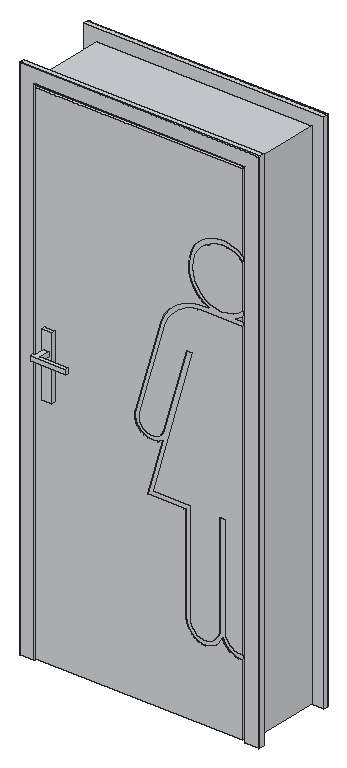
Revit family "PortaVECTORbp_L", category Drzwi, Revit 2016
Family settings
  Obiekt nadrzędny = Ściana
  Zawsze pionowo = Tak
  Tnij formami wycięć po wczytaniu = Nie
  Współdzielony = Nie
  Punkt obliczania pomieszczeń = Nie
Parameters (values of type "PN 80")
  Zakres szerokości muru [instance] = if(and(Szerokość ściany > 94 mm, Szerokość ściany < 120 mm), "B", (if(and(Szerokość ściany > 119 mm, Szerokość ściany < 140 mm), "C", (if(and(Szerokość ściany > 139 mm, Szerokość ściany < 160 mm), "D", (if(and(Szerokość ściany > 159 mm, Szerokość ściany < 180 mm), "E", (if(and(Szerokość ściany > 179 mm, Szerokość ściany < 200 mm), "F", (if(and(Szerokość ściany > 199 mm, Szerokość ściany < 220 mm), "G", (if(and(Szerokość ściany > 219 mm, Szerokość ściany < 240 mm), "H", (if(and(Szerokość ściany > 239 mm, Szerokość ściany < 260 mm), "I", (if(and(Szerokość ściany > 259 mm, Szerokość ściany < 280 mm), "J", (if(and(Szerokość ściany > 279 mm, Szerokość ściany < 301 mm), "K", "BRAK")))))))))))))))))))  # "K"
  Wysokość brutto = 2060 mm
  Szerokość ściany [instance] = 300 mm
  Szerokość brutto = 880 mm
  Model = "Porta Vector L"
  Konstrukcja analityczna = "<Brak>"
  Funkcja = Wewnętrzna
  URL = "www.porta.com.pl"
  Ss = 818 mm
  Sb = 846 mm
  Producent = "PORTA KMI POLAND"
  Keynote = ""
  Opis = "Własność Porta KMI Poland, wszelkie prawa zastrzeżone."  # constant formula
  Wysokość = 2016 mm
  Zakończenie ściany = Wg obiektu nadrzędnego
  Szerokość = 800 mm
  Materiał_skrzydło [instance] = none
  Materiał_ościeżnica [instance] = none
  Materiał_klamka [instance] = none
  Hs = 2017 mm
Reference planes
  plane 1: y = 0
  plane 2 "Środek (Lewa/Prawa)": x = 0
  plane 3 "Lewy": x = -440
  plane 4 "Prawy": x = 440
  plane 5: z = 2060
  plane 6 "Zewnętrzna": y = 150
  plane 7 "Wewnętrzna": y = -150
  plane 8 "skrzydło": y = -129
  plane 9: x = -409
  plane 10: x = 409
Forms (mm)
  Sweep 1, solid, material <- "Materiał_ościeżnica"
    path in 3D
      loop
        line (-440, -150, 0) -> (-440, -150, 2060) -> (440, -150, 2060) -> (440, -150, 0)
    profile origin (-440, -150, 1030) x (0, -1, 0) y (1, 0, 0)
      loop
        line (-24, 39) -> (-72, 39) -> (-72, 17) -> (0, 17) -> (0, -33) -> (16, -33)
        arc (16, -33) -> (18.121, -32.121) -> (19, -30) r 3
        line (19, -30) -> (19, 24)
        arc (19, 24) -> (18.121, 26.121) -> (16, 27) r 3
        line (16, 27) -> (-24, 27) -> (-24, 39)
  Sweep 2, solid, material <- "Materiał_ościeżnica"
    path in 3D
      loop
        line (440, 150, 0) -> (440, 150, 2060) -> (-440, 150, 2060) -> (-440, 150, 0)
    profile origin (-440, 150, 1030) x (1, 0, 0) y (0, 1, 0)
      loop
        line (-33, 0) -> (17, 0) -> (17, -228) -> (39, -228) -> (39, -1)
        arc (39, -1) -> (37.536, 2.536) -> (34, 4) r 5
        line (34, 4) -> (25, 4) -> (25, 16)
        arc (25, 16) -> (24.121, 18.121) -> (22, 19) r 3
        line (22, 19) -> (-30, 19)
        arc (-30, 19) -> (-32.121, 18.121) -> (-33, 16) r 3
        line (-33, 16) -> (-33, 0)
  Sweep 3, solid, not visible
    path in 3D
      loop
        line (-440, -150, 0) -> (-440, -150, 2060)
    profile origin (-440, -150, 1030) x (0, -1, 0) y (1, 0, 0)
      loop
        line (-151, 17) -> (-149, 17) -> (-149, 19) -> (-151, 19) -> (-151, 17)
Cuts and joins
  joined: Sweep 1, Sweep 2
Lines and regions (mm)
  Opening 1
    outline origin (-3050, -150, 0) x (1, 0, 0) y (0, 0, 1)
      loop
        line (2610, 0) -> (3490, 0) -> (3490, 2060) -> (2610, 2060) -> (2610, 0)
  sketch lines
    curve 1: line (-440, -150, 0) -> (-440, -150, 2060)
    curve 2: line (-440, -150, 2060) -> (440, -150, 2060)
    curve 3: line (440, -150, 2060) -> (440, -150, 0)
    curve 4: line (-440, 150, 2060) -> (-440, 150, 0)
    curve 5: line (440, 150, 2060) -> (-440, 150, 2060)
    curve 6: line (440, 150, 0) -> (440, 150, 2060)
    curve 12: line (-440, -150, 0) -> (-440, -150, 2060)
  symbolic lines, style "DoorsPanelProjection"
    curve 7: line (409, -150, 0) -> (409, -968, 0)
    curve 8: line (409, -968, 0) -> (369, -968, 0)
    curve 9: line (369, -968, 0) -> (369, -150, 0)
    curve 10: line (369, -150, 0) -> (409, -150, 0)
  symbolic lines, style "Ugięcie rzutu"
    curve 11: arc (-409, -150, 0) -> (-169.413, -728.413, 0) -> (409, -968, 0) r 818
Text (mm)
  text "Zewnętrzna" at (-2295.016, 1099.543, 0), in view "Poziom odniesienia"
  text "Zewnętrzna" at (0, 1615.38, 3698.081), in view "Lewy"
  text "Zewnętrzna" at (0, 1036.032, 3874.932), in view "Prawy"
Dimensions and locks
  equal spacing: plane 3 "Lewy", plane 2 "Środek (Lewa/Prawa)", plane 4 "Prawy"
  "Szerokość brutto": plane 3 "Lewy" to plane 4 "Prawy"
  "Wysokość brutto": plane 5 to host wall
  host wall to plane 5 = 2060 mm  (x2)
  locked: plane 6 "Zewnętrzna" to host wall at 0
  locked: plane 7 "Wewnętrzna" to host wall
  "Sb": Sweep 1 to Sweep 1
  locked: Sweep 1 sketch curve to Sweep 1 sketch curve at 22
  Sweep 1 sketch curve to Sweep 1 sketch curve = 50 mm
  locked: Sweep 1 sketch curve to profile plane at 72
  locked: Sweep 2 sketch curve to Sweep 2 sketch curve at 50
  locked: Sweep 2 sketch curve to Sweep 2 sketch curve at 22
  locked: Sweep 2 sketch curve to plane 6 "Zewnętrzna" at 1
  locked: curve 9 to curve 7 at 40
  "Ss": curve 8 to curve 10
  equal spacing: curve 11, plane 2 "Środek (Lewa/Prawa)", curve 7
  locked: plane 7 "Wewnętrzna" to plane 8 "skrzydło" at 21
  locked: host wall to Sweep 3 sketch curve at 1
  locked: Sweep 3 sketch curve to host wall at 1
  locked: Sweep 3 sketch curve to plane 6 "Zewnętrzna" at 151
  locked: plane 7 "Wewnętrzna" to Sweep 3 sketch curve at 151
  nested 1 to plane 2 "Środek (Lewa/Prawa)" to nested 1 = 409 mm, 409 mm
  locked: nested 1 to level at 8
  "Szerokość ściany": host wall to host wall
  equal spacing: plane 9, plane 2 "Środek (Lewa/Prawa)", plane 10
  "Ss": plane 9 to plane 10
  aligned and locked: plane 3 "Lewy" to Opening 1 sketch curve
  aligned and locked: plane 5 to Opening 1 sketch curve  (x2)
  aligned and locked: Opening 1 sketch curve to plane 4 "Prawy"
  aligned and locked: Opening 1 sketch curve to level
  aligned and locked: plane 1 to host wall
  aligned and locked: Sweep 1 to Sweep 2 sketch curve
  aligned and locked: plane 7 "Wewnętrzna" to curve 10
  aligned and locked: Sweep 3 sketch curve to cut or joined group of Sweep 1, Sweep 2
  aligned and locked: Sweep 2 sketch curve to cut or joined group of Sweep 1, Sweep 2
  aligned and locked: nested 1 to plane 8 "skrzydło"
  aligned and locked: nested 1 to plane 10
Automatic sketch dimensions
  profile plane to Sweep 1 sketch curve = 24 mm
  Sweep 1 sketch curve to profile plane = 16 mm  (x2)
  Sweep 1 sketch curve to Sweep 1 sketch curve = 3 mm
  profile plane to Sweep 1 sketch curve = 17 mm
  Sweep 1 sketch curve to Sweep 1 sketch curve = 7 mm
  Sweep 1 sketch curve to profile plane = 0 mm
  Sweep 2 sketch curve to profile plane = 0 mm
  Sweep 2 sketch curve to profile plane = 16 mm
  Sweep 2 sketch curve to Sweep 2 sketch curve = 3 mm
  Sweep 2 sketch curve to Sweep 2 sketch curve = 5 mm
  Sweep 2 sketch curve to profile plane = 4 mm
  Sweep 2 sketch curve to Sweep 2 sketch curve = 8 mm
  curve 11 to host wall = 0 mm
  Sweep 3 sketch curve to Sweep 3 sketch curve = 2 mm
Nested families
  nested 1: "skrzydło" at (0, -135.5, 0), Materiał_klamka <- "Materiał_klamka", Materiał_skrzydło <- "Materiał_skrzydło", type "skrzydło"
    with Materiał_skrzydło none, Materiał_klamka none, Ss 818 mm
Definition of nested family "skrzydło"
  Parameters
    Ss = 918 mm
    Materiał_skrzydło [instance] = none
    Materiał_klamka [instance] = none
    Hs = 2017 mm
  Reference planes
    plane 1 "Tył": y = 6.5
    plane 2: z = 0
    plane 3 "Środek (Lewa/Prawa)": x = 0
    plane 4 "Lewa": x = -509
    plane 5 "Prawa": x = 409
    plane 6 "Przód": y = -33.5
    plane 7: z = 2025
    plane 8 "Centrum": y = -13.5
    plane 9: z = 8
  Forms (mm)
    Extrusion 1, solid, material <- "Materiał_skrzydło"
      sketch origin (-1191.728, -1524, 8) x (-1, 0, 0) y (0, -1, 0)
        loop
          line (-1600.728, -1490.5) -> (-1600.728, -1530.5) -> (-682.728, -1530.5) -> (-682.728, -1490.5) -> (-1600.728, -1490.5)
      from 0 to 2017
    Extrusion 2, void
      sketch origin (-2140.117, -33.5, 1200) x (1, 0, 0) y (0, 0, 1)
        loop
          circle (2468.069, 409.546) r 117.01
        loop
          arc (2521.772, 286.024) -> (2467.917, 544.584) -> (2414.063, 286.024) r 134.888
          line (2414.063, 286.024) -> (2388.004, 286.024)
          arc (2388.004, 286.024) -> (2286.284, 253.232) -> (2222.87, 167.204) r 174.16
          line (2222.87, 167.204) -> (2124.746, -174.282) -> (2123.818, -177.418) -> (2123.047, -180.555) -> (2122.451, -183.69) -> (2122.002, -186.817) -> (2121.719, -189.934) -> (2121.602, -193.035) -> (2121.631, -196.118) -> (2121.816, -199.176) -> (2122.148, -202.207) -> (2122.637, -205.206) -> (2123.271, -208.169) -> (2124.062, -211.092) -> (2124.99, -213.97) -> (2126.064, -216.8) -> (2127.275, -219.577) -> (2128.623, -222.297) -> (2130.117, -224.956) -> (2131.748, -227.55) -> (2133.516, -230.075) -> (2135.41, -232.526) -> (2137.432, -234.899) -> (2139.59, -237.191) -> (2141.875, -239.396) -> (2144.287, -241.512) -> (2146.826, -243.533) -> (2149.482, -245.455) -> (2152.256, -247.275) -> (2155.156, -248.987) -> (2158.174, -250.589) -> (2161.299, -252.076) -> (2164.541, -253.443) -> (2167.9, -254.687) -> (2171.797, -255.899) -> (2175.713, -256.901) -> (2179.639, -257.695) -> (2183.574, -258.277) -> (2187.5, -258.649) -> (2191.416, -258.81) -> (2195.303, -258.759) -> (2199.16, -258.496) -> (2202.979, -258.019) -> (2206.748, -257.329) -> (2210.449, -256.425) -> (2214.082, -255.306) -> (2217.646, -253.972) -> (2221.113, -252.423) -> (2224.492, -250.657) -> (2231.111, -246.646) -> (2171.057, -455.952) -> (2323.467, -455.952) -> (2323.564, -837.1)
          arc (2323.564, -837.1) -> (2386.005, -909.132) -> (2467.987, -860.487) r 74.336
          arc (2467.987, -860.487) -> (2550.664, -908.916) -> (2613.281, -836.391) r 74.88
          line (2613.281, -836.391) -> (2613.281, -455.972) -> (2765.721, -455.972) -> (2705.633, -246.471) -> (2711.953, -250.277) -> (2715.615, -252.154) -> (2719.375, -253.777) -> (2723.213, -255.152) -> (2727.119, -256.286) -> (2731.074, -257.182) -> (2735.068, -257.847) -> (2739.082, -258.286) -> (2743.105, -258.505) -> (2747.109, -258.508) -> (2751.094, -258.302) -> (2755.039, -257.891) -> (2758.926, -257.282) -> (2762.744, -256.479) -> (2766.465, -255.488) -> (2770.098, -254.315) -> (2774.492, -252.636) -> (2779.043, -250.529) -> (2783.672, -247.991) -> (2785.996, -246.56) -> (2788.301, -245.019) -> (2790.576, -243.368) -> (2792.832, -241.608) -> (2795.029, -239.737) -> (2797.178, -237.755) -> (2799.258, -235.662) -> (2801.26, -233.457) -> (2803.184, -231.139) -> (2805, -228.709) -> (2806.709, -226.166) -> (2808.301, -223.509) -> (2809.766, -220.737) -> (2811.084, -217.852) -> (2812.256, -214.851) -> (2813.262, -211.734) -> (2814.102, -208.502) -> (2814.756, -205.153) -> (2815.205, -201.688) -> (2815.469, -198.105) -> (2815.508, -194.405) -> (2815.312, -190.586) -> (2814.893, -186.648) -> (2814.229, -182.592) -> (2813.301, -178.416) -> (2812.1, -174.12) -> (2715.444, 160.231)
          arc (2715.444, 160.231) -> (2652.796, 251.068) -> (2548.135, 286.024) r 174.16
          line (2548.135, 286.024) -> (2521.772, 286.024)
        loop
          arc (2341.562, -837.081) -> (2400.144, -892.011) -> (2456.689, -834.988) r 57.595
          line (2456.689, -834.988) -> (2456.768, -437.955) -> (2480.039, -437.955) -> (2480.254, -835.918)
          arc (2480.254, -835.918) -> (2537.553, -891.982) -> (2595.283, -836.362) r 57.54
          line (2595.283, -836.362) -> (2595.283, -437.947) -> (2741.827, -437.947) -> (2586.26, 104.455) -> (2610.791, 104.217) -> (2700.02, -207.194) -> (2700.928, -210.099) -> (2701.973, -212.857) -> (2703.135, -215.472) -> (2704.424, -217.944) -> (2705.811, -220.276) -> (2707.314, -222.47) -> (2708.906, -224.528) -> (2710.605, -226.451) -> (2712.383, -228.242) -> (2714.248, -229.902) -> (2716.182, -231.434) -> (2718.193, -232.839) -> (2720.264, -234.12) -> (2722.393, -235.277) -> (2724.58, -236.314) -> (2726.816, -237.232) -> (2729.092, -238.033) -> (2731.396, -238.718) -> (2733.74, -239.291) -> (2736.104, -239.752) -> (2738.477, -240.104) -> (2740.869, -240.348) -> (2743.271, -240.487) -> (2745.674, -240.523) -> (2748.066, -240.457) -> (2750.449, -240.291) -> (2752.822, -240.027) -> (2755.166, -239.668) -> (2757.48, -239.215) -> (2759.756, -238.67) -> (2762.002, -238.034) -> (2764.189, -237.311) -> (2767.441, -236.068) -> (2770.791, -234.516) -> (2774.189, -232.652) -> (2775.879, -231.602) -> (2777.568, -230.473) -> (2779.229, -229.266) -> (2780.869, -227.98) -> (2782.471, -226.614) -> (2784.023, -225.168) -> (2785.537, -223.643) -> (2786.992, -222.037) -> (2788.379, -220.351) -> (2789.697, -218.585) -> (2790.937, -216.737) -> (2792.08, -214.809) -> (2793.135, -212.799) -> (2794.092, -210.708) -> (2794.932, -208.535) -> (2795.664, -206.281) -> (2796.26, -203.943) -> (2796.729, -201.524) -> (2797.061, -199.021) -> (2797.246, -196.436) -> (2797.275, -193.768) -> (2797.139, -191.016) -> (2796.836, -188.18) -> (2796.348, -185.261) -> (2795.684, -182.257) -> (2794.824, -179.169) -> (2698.221, 155.054)
          arc (2698.221, 155.054) -> (2644.903, 234.374) -> (2555.391, 267.871) r 156.431
          line (2555.391, 267.871) -> (2380.654, 267.866)
          arc (2380.654, 267.866) -> (2294.131, 236.607) -> (2240.142, 162.119) r 156.431
          line (2240.142, 162.119) -> (2141.982, -179.47) -> (2141.318, -181.725) -> (2140.762, -183.982) -> (2140.332, -186.237) -> (2140.01, -188.489) -> (2139.814, -190.733) -> (2139.727, -192.967) -> (2139.746, -195.188) -> (2139.883, -197.392) -> (2140.137, -199.578) -> (2140.488, -201.741) -> (2140.957, -203.879) -> (2141.533, -205.989) -> (2142.207, -208.068) -> (2142.988, -210.113) -> (2143.877, -212.12) -> (2144.863, -214.087) -> (2145.957, -216.012) -> (2147.148, -217.89) -> (2148.437, -219.719) -> (2149.824, -221.495) -> (2151.318, -223.217) -> (2152.9, -224.88) -> (2154.57, -226.483) -> (2156.348, -228.021) -> (2158.203, -229.492) -> (2160.156, -230.893) -> (2162.207, -232.221) -> (2164.336, -233.473) -> (2166.553, -234.645) -> (2168.867, -235.736) -> (2171.26, -236.741) -> (2173.74, -237.658) -> (2176.152, -238.421) -> (2178.564, -239.078) -> (2180.996, -239.628) -> (2183.418, -240.072) -> (2185.84, -240.409) -> (2188.262, -240.64) -> (2190.674, -240.763) -> (2193.066, -240.78) -> (2195.439, -240.689) -> (2197.793, -240.492) -> (2200.127, -240.186) -> (2202.432, -239.773) -> (2204.697, -239.253) -> (2206.924, -238.624) -> (2209.121, -237.887) -> (2211.26, -237.042) -> (2213.359, -236.089) -> (2215.41, -235.028) -> (2217.402, -233.857) -> (2219.326, -232.578) -> (2221.191, -231.19) -> (2222.998, -229.693) -> (2224.727, -228.086) -> (2226.377, -226.371) -> (2227.949, -224.545) -> (2229.443, -222.61) -> (2230.84, -220.565) -> (2232.158, -218.41) -> (2233.379, -216.145) -> (2234.502, -213.77) -> (2235.518, -211.285) -> (2236.436, -208.688) -> (2326.416, 104.52) -> (2350.593, 104.52) -> (2194.937, -437.987) -> (2341.465, -437.987) -> (2341.562, -837.081)
      from -1 to 10
    Extrusion 3, void
      sketch origin (-2140.117, 6.5, 1200) x (1, 0, 0) y (0, 0, -1)
        loop
          circle (2468.069, -409.546) r 117.01
        loop
          line (2521.772, -286.024) -> (2548.135, -286.024)
          arc (2548.135, -286.024) -> (2652.796, -251.068) -> (2715.444, -160.231) r 174.16
          line (2715.444, -160.231) -> (2812.1, 174.12) -> (2813.301, 178.416) -> (2814.229, 182.592) -> (2814.893, 186.648) -> (2815.312, 190.586) -> (2815.508, 194.405) -> (2815.469, 198.105) -> (2815.205, 201.688) -> (2814.756, 205.153) -> (2814.102, 208.502) -> (2813.262, 211.734) -> (2812.256, 214.851) -> (2811.084, 217.852) -> (2809.766, 220.737) -> (2808.301, 223.509) -> (2806.709, 226.166) -> (2805, 228.709) -> (2803.184, 231.139) -> (2801.26, 233.457) -> (2799.258, 235.662) -> (2797.178, 237.755) -> (2795.029, 239.737) -> (2792.832, 241.608) -> (2790.576, 243.368) -> (2788.301, 245.019) -> (2785.996, 246.56) -> (2783.672, 247.991) -> (2779.043, 250.529) -> (2774.492, 252.636) -> (2770.098, 254.315) -> (2766.465, 255.488) -> (2762.744, 256.479) -> (2758.926, 257.282) -> (2755.039, 257.891) -> (2751.094, 258.302) -> (2747.109, 258.508) -> (2743.105, 258.505) -> (2739.082, 258.286) -> (2735.068, 257.847) -> (2731.074, 257.182) -> (2727.119, 256.286) -> (2723.213, 255.152) -> (2719.375, 253.777) -> (2715.615, 252.154) -> (2711.953, 250.277) -> (2705.633, 246.471) -> (2765.721, 455.972) -> (2613.281, 455.972) -> (2613.281, 836.391)
          arc (2613.281, 836.391) -> (2550.664, 908.916) -> (2467.987, 860.487) r 74.88
          arc (2467.987, 860.487) -> (2386.005, 909.132) -> (2323.564, 837.1) r 74.336
          line (2323.564, 837.1) -> (2323.467, 455.952) -> (2171.057, 455.952) -> (2231.111, 246.646) -> (2224.492, 250.657) -> (2221.113, 252.423) -> (2217.646, 253.972) -> (2214.082, 255.306) -> (2210.449, 256.425) -> (2206.748, 257.329) -> (2202.979, 258.019) -> (2199.16, 258.496) -> (2195.303, 258.759) -> (2191.416, 258.81) -> (2187.5, 258.649) -> (2183.574, 258.277) -> (2179.639, 257.695) -> (2175.713, 256.901) -> (2171.797, 255.899) -> (2167.9, 254.687) -> (2164.541, 253.443) -> (2161.299, 252.076) -> (2158.174, 250.589) -> (2155.156, 248.987) -> (2152.256, 247.275) -> (2149.482, 245.455) -> (2146.826, 243.533) -> (2144.287, 241.512) -> (2141.875, 239.396) -> (2139.59, 237.191) -> (2137.432, 234.899) -> (2135.41, 232.526) -> (2133.516, 230.075) -> (2131.748, 227.55) -> (2130.117, 224.956) -> (2128.623, 222.297) -> (2127.275, 219.577) -> (2126.064, 216.8) -> (2124.99, 213.97) -> (2124.062, 211.092) -> (2123.271, 208.169) -> (2122.637, 205.206) -> (2122.148, 202.207) -> (2121.816, 199.176) -> (2121.631, 196.118) -> (2121.602, 193.035) -> (2121.719, 189.934) -> (2122.002, 186.817) -> (2122.451, 183.69) -> (2123.047, 180.555) -> (2123.818, 177.418) -> (2124.746, 174.282) -> (2222.87, -167.204)
          arc (2222.87, -167.204) -> (2286.284, -253.232) -> (2388.004, -286.024) r 174.16
          line (2388.004, -286.024) -> (2414.063, -286.024)
          arc (2414.063, -286.024) -> (2467.917, -544.584) -> (2521.772, -286.024) r 134.888
        loop
          line (2341.562, 837.081) -> (2341.465, 437.987) -> (2194.937, 437.987) -> (2350.593, -104.52) -> (2326.416, -104.52) -> (2236.436, 208.688) -> (2235.518, 211.285) -> (2234.502, 213.77) -> (2233.379, 216.145) -> (2232.158, 218.41) -> (2230.84, 220.565) -> (2229.443, 222.61) -> (2227.949, 224.545) -> (2226.377, 226.371) -> (2224.727, 228.086) -> (2222.998, 229.693) -> (2221.191, 231.19) -> (2219.326, 232.578) -> (2217.402, 233.857) -> (2215.41, 235.028) -> (2213.359, 236.089) -> (2211.26, 237.042) -> (2209.121, 237.887) -> (2206.924, 238.624) -> (2204.697, 239.253) -> (2202.432, 239.773) -> (2200.127, 240.186) -> (2197.793, 240.492) -> (2195.439, 240.689) -> (2193.066, 240.78) -> (2190.674, 240.763) -> (2188.262, 240.64) -> (2185.84, 240.409) -> (2183.418, 240.072) -> (2180.996, 239.628) -> (2178.564, 239.078) -> (2176.152, 238.421) -> (2173.74, 237.658) -> (2171.26, 236.741) -> (2168.867, 235.736) -> (2166.553, 234.645) -> (2164.336, 233.473) -> (2162.207, 232.221) -> (2160.156, 230.893) -> (2158.203, 229.492) -> (2156.348, 228.021) -> (2154.57, 226.483) -> (2152.9, 224.88) -> (2151.318, 223.217) -> (2149.824, 221.495) -> (2148.437, 219.719) -> (2147.148, 217.89) -> (2145.957, 216.012) -> (2144.863, 214.087) -> (2143.877, 212.12) -> (2142.988, 210.113) -> (2142.207, 208.068) -> (2141.533, 205.989) -> (2140.957, 203.879) -> (2140.488, 201.741) -> (2140.137, 199.578) -> (2139.883, 197.392) -> (2139.746, 195.188) -> (2139.727, 192.967) -> (2139.814, 190.733) -> (2140.01, 188.489) -> (2140.332, 186.237) -> (2140.762, 183.982) -> (2141.318, 181.725) -> (2141.982, 179.47) -> (2240.142, -162.119)
          arc (2240.142, -162.119) -> (2294.131, -236.607) -> (2380.654, -267.866) r 156.431
          line (2380.654, -267.866) -> (2555.391, -267.871)
          arc (2555.391, -267.871) -> (2644.903, -234.374) -> (2698.221, -155.054) r 156.431
          line (2698.221, -155.054) -> (2794.824, 179.169) -> (2795.684, 182.257) -> (2796.348, 185.261) -> (2796.836, 188.18) -> (2797.139, 191.016) -> (2797.275, 193.768) -> (2797.246, 196.436) -> (2797.061, 199.021) -> (2796.729, 201.524) -> (2796.26, 203.943) -> (2795.664, 206.281) -> (2794.932, 208.535) -> (2794.092, 210.708) -> (2793.135, 212.799) -> (2792.08, 214.809) -> (2790.937, 216.737) -> (2789.697, 218.585) -> (2788.379, 220.351) -> (2786.992, 222.037) -> (2785.537, 223.643) -> (2784.023, 225.168) -> (2782.471, 226.614) -> (2780.869, 227.98) -> (2779.229, 229.266) -> (2777.568, 230.473) -> (2775.879, 231.602) -> (2774.189, 232.652) -> (2770.791, 234.516) -> (2767.441, 236.068) -> (2764.189, 237.311) -> (2762.002, 238.034) -> (2759.756, 238.67) -> (2757.48, 239.215) -> (2755.166, 239.668) -> (2752.822, 240.027) -> (2750.449, 240.291) -> (2748.066, 240.457) -> (2745.674, 240.523) -> (2743.271, 240.487) -> (2740.869, 240.348) -> (2738.477, 240.104) -> (2736.104, 239.752) -> (2733.74, 239.291) -> (2731.396, 238.718) -> (2729.092, 238.033) -> (2726.816, 237.232) -> (2724.58, 236.314) -> (2722.393, 235.277) -> (2720.264, 234.12) -> (2718.193, 232.839) -> (2716.182, 231.434) -> (2714.248, 229.902) -> (2712.383, 228.242) -> (2710.605, 226.451) -> (2708.906, 224.528) -> (2707.314, 222.47) -> (2705.811, 220.276) -> (2704.424, 217.944) -> (2703.135, 215.472) -> (2701.973, 212.857) -> (2700.928, 210.099) -> (2700.02, 207.194) -> (2610.791, -104.217) -> (2586.26, -104.455) -> (2741.827, 437.947) -> (2595.283, 437.947) -> (2595.283, 836.362)
          arc (2595.283, 836.362) -> (2537.553, 891.982) -> (2480.254, 835.918) r 57.54
          line (2480.254, 835.918) -> (2480.039, 437.955) -> (2456.768, 437.955) -> (2456.689, 834.988)
          arc (2456.689, 834.988) -> (2400.144, 892.011) -> (2341.562, 837.081) r 57.595
      from -1 to 10
  Cuts and joins
    Extrusion 2, Extrusion 3 cuts Extrusion 1
  Dimensions and locks
    "Ss": plane 4 "Lewa" to plane 5 "Prawa"
    locked: plane 9 to level at 8
    "Hs": plane 7 to plane 9
    locked: nested 1 to plane 9 at 934
    locked: plane 9 to nested 2 at 934
    equal spacing: plane 6 "Przód", plane 8 "Centrum", plane 1 "Tył"
    locked: plane 4 "Lewa" to nested 1 at 55
    locked: plane 4 "Lewa" to nested 2 at 55
    locked: plane 3 "Środek (Lewa/Prawa)" to plane 5 "Prawa" at 409
    aligned and locked: nested 1 to plane 6 "Przód"
    aligned and locked: plane 4 "Lewa" to Extrusion 1 sketch curve
    aligned and locked: plane 7 to Extrusion 1
    aligned and locked: nested 2 to nested 1
    aligned and locked: Extrusion 1 sketch curve to plane 5 "Prawa"
  Automatic sketch dimensions
    plane 1 "Tył" to Extrusion 1 sketch curve = 0 mm
    Extrusion 1 sketch curve to plane 6 "Przód" = 0 mm
    Extrusion 2 sketch curve to plane 3 "Środek (Lewa/Prawa)" = 18.516 mm
    Extrusion 2 sketch curve to Extrusion 2 sketch curve = 0.029 mm  (x3)
    Extrusion 2 sketch curve to Extrusion 2 sketch curve = 0.117 mm
    Extrusion 2 sketch curve to Extrusion 2 sketch curve = 0.186 mm  (x2)
    Extrusion 2 sketch curve to Extrusion 2 sketch curve = 0.283 mm
    Extrusion 2 sketch curve to Extrusion 2 sketch curve = 0.332 mm  (x2)
    Extrusion 2 sketch curve to Extrusion 2 sketch curve = 0.449 mm  (x2)
    Extrusion 2 sketch curve to Extrusion 2 sketch curve = 0.488 mm  (x2)
    Extrusion 2 sketch curve to Extrusion 2 sketch curve = 0.596 mm  (x2)
    Extrusion 2 sketch curve to Extrusion 2 sketch curve = 0.635 mm  (x2)
    Extrusion 2 sketch curve to Extrusion 2 sketch curve = 0.771 mm
    Extrusion 2 sketch curve to Extrusion 2 sketch curve = 0.791 mm
    Extrusion 2 sketch curve to Extrusion 2 sketch curve = 0.928 mm  (x3)
    Extrusion 2 sketch curve to Extrusion 2 sketch curve = 1.074 mm
    Extrusion 2 sketch curve to Extrusion 2 sketch curve = 1.211 mm
    Extrusion 2 sketch curve to Extrusion 2 sketch curve = 1.348 mm
    Extrusion 2 sketch curve to Extrusion 2 sketch curve = 1.494 mm  (x3)
    Extrusion 2 sketch curve to Extrusion 2 sketch curve = 1.631 mm
    Extrusion 2 sketch curve to Extrusion 2 sketch curve = 1.768 mm
    Extrusion 2 sketch curve to Extrusion 2 sketch curve = 1.895 mm
    Extrusion 2 sketch curve to plane 3 "Środek (Lewa/Prawa)" = 2.686 mm
    Extrusion 2 sketch curve to plane 3 "Środek (Lewa/Prawa)" = 0.527 mm
    Extrusion 2 sketch curve to plane 3 "Środek (Lewa/Prawa)" = 0.391 mm
    Extrusion 2 sketch curve to plane 3 "Środek (Lewa/Prawa)" = 0.371 mm
    Extrusion 2 sketch curve to plane 3 "Środek (Lewa/Prawa)" = 0.303 mm
    Extrusion 2 sketch curve to plane 3 "Środek (Lewa/Prawa)" = 0.234 mm
    Extrusion 2 sketch curve to plane 3 "Środek (Lewa/Prawa)" = 0.107 mm
    plane 3 "Środek (Lewa/Prawa)" to Extrusion 2 sketch curve = 0.02 mm
    plane 3 "Środek (Lewa/Prawa)" to Extrusion 2 sketch curve = 0.215 mm
    plane 3 "Środek (Lewa/Prawa)" to Extrusion 2 sketch curve = 0.371 mm
    plane 3 "Środek (Lewa/Prawa)" to Extrusion 2 sketch curve = 0.645 mm
    plane 3 "Środek (Lewa/Prawa)" to Extrusion 2 sketch curve = 0.84 mm
    plane 3 "Środek (Lewa/Prawa)" to Extrusion 2 sketch curve = 1.201 mm
    plane 3 "Środek (Lewa/Prawa)" to Extrusion 2 sketch curve = 1.416 mm
    plane 3 "Środek (Lewa/Prawa)" to Extrusion 2 sketch curve = 1.758 mm
    plane 3 "Środek (Lewa/Prawa)" to Extrusion 2 sketch curve = 1.865 mm
    plane 3 "Środek (Lewa/Prawa)" to Extrusion 2 sketch curve = 2.09 mm
    Extrusion 2 sketch curve to Extrusion 2 sketch curve = 0.781 mm
    Extrusion 2 sketch curve to Extrusion 2 sketch curve = 0.889 mm
    Extrusion 2 sketch curve to Extrusion 2 sketch curve = 2.412 mm  (x4)
    Extrusion 2 sketch curve to Extrusion 2 sketch curve = 0.986 mm
    Extrusion 2 sketch curve to Extrusion 2 sketch curve = 1.094 mm
    Extrusion 2 sketch curve to Extrusion 2 sketch curve = 2.539 mm
    Extrusion 2 sketch curve to Extrusion 2 sketch curve = 1.191 mm
    Extrusion 2 sketch curve to Extrusion 2 sketch curve = 1.289 mm  (x2)
    Extrusion 2 sketch curve to Extrusion 2 sketch curve = 2.656 mm
    Extrusion 2 sketch curve to Extrusion 2 sketch curve = 1.387 mm  (x3)
    Extrusion 2 sketch curve to Extrusion 2 sketch curve = 2.773 mm
    Extrusion 2 sketch curve to Extrusion 2 sketch curve = 1.582 mm
    Extrusion 2 sketch curve to Extrusion 2 sketch curve = 1.67 mm
    Extrusion 2 sketch curve to Extrusion 2 sketch curve = 2.9 mm
    Extrusion 2 sketch curve to Extrusion 2 sketch curve = 1.777 mm  (x3)
    Extrusion 2 sketch curve to Extrusion 2 sketch curve = 3.018 mm
    Extrusion 2 sketch curve to Extrusion 2 sketch curve = 1.855 mm
    Extrusion 2 sketch curve to Extrusion 2 sketch curve = 1.953 mm
    Extrusion 2 sketch curve to Extrusion 2 sketch curve = 3.125 mm
    Extrusion 2 sketch curve to Extrusion 2 sketch curve = 2.051 mm  (x2)
    Extrusion 2 sketch curve to Extrusion 2 sketch curve = 2.129 mm  (x2)
    Extrusion 2 sketch curve to Extrusion 2 sketch curve = 3.242 mm
    Extrusion 2 sketch curve to Extrusion 2 sketch curve = 2.217 mm
    Extrusion 2 sketch curve to Extrusion 2 sketch curve = 3.359 mm
    Extrusion 2 sketch curve to Extrusion 2 sketch curve = 2.314 mm  (x2)
    plane 3 "Środek (Lewa/Prawa)" to Extrusion 2 sketch curve = 30.94 mm
    Extrusion 2 sketch curve to Extrusion 2 sketch curve = 2.393 mm  (x4)
    Extrusion 2 sketch curve to Extrusion 2 sketch curve = 3.896 mm
    Extrusion 2 sketch curve to Extrusion 2 sketch curve = 2.48 mm
    Extrusion 2 sketch curve to Extrusion 2 sketch curve = 3.916 mm  (x2)
    Extrusion 2 sketch curve to Extrusion 2 sketch curve = 3.926 mm  (x2)
    Extrusion 2 sketch curve to Extrusion 2 sketch curve = 2.432 mm
    Extrusion 2 sketch curve to Extrusion 2 sketch curve = 2.422 mm  (x3)
    Extrusion 2 sketch curve to Extrusion 2 sketch curve = 3.936 mm
    Extrusion 2 sketch curve to Extrusion 2 sketch curve = 23.88 mm
    Extrusion 2 sketch curve to Extrusion 2 sketch curve = 3.887 mm  (x2)
    Extrusion 2 sketch curve to Extrusion 2 sketch curve = 2.373 mm  (x4)
    Extrusion 2 sketch curve to Extrusion 2 sketch curve = 2.354 mm
    Extrusion 2 sketch curve to Extrusion 2 sketch curve = 3.857 mm
    Extrusion 2 sketch curve to Extrusion 2 sketch curve = 2.334 mm
    Extrusion 2 sketch curve to Extrusion 2 sketch curve = 2.305 mm  (x3)
    Extrusion 2 sketch curve to Extrusion 2 sketch curve = 3.818 mm  (x2)
    Extrusion 2 sketch curve to Extrusion 2 sketch curve = 2.266 mm
    Extrusion 2 sketch curve to Extrusion 2 sketch curve = 3.77 mm
    Extrusion 2 sketch curve to Extrusion 2 sketch curve = 2.227 mm
    Extrusion 2 sketch curve to Extrusion 2 sketch curve = 2.197 mm  (x2)
    Extrusion 2 sketch curve to Extrusion 2 sketch curve = 3.701 mm  (x2)
    Extrusion 2 sketch curve to Extrusion 2 sketch curve = 2.139 mm
    Extrusion 2 sketch curve to Extrusion 2 sketch curve = 2.1 mm
    Extrusion 2 sketch curve to Extrusion 2 sketch curve = 3.633 mm  (x2)
    Extrusion 2 sketch curve to Extrusion 2 sketch curve = 1.992 mm
    Extrusion 2 sketch curve to Extrusion 2 sketch curve = 3.564 mm
    Extrusion 2 sketch curve to Extrusion 2 sketch curve = 1.924 mm  (x3)
    Extrusion 2 sketch curve to Extrusion 2 sketch curve = 3.467 mm
    Extrusion 2 sketch curve to Extrusion 2 sketch curve = 1.865 mm  (x2)
    plane 3 "Środek (Lewa/Prawa)" to Extrusion 2 sketch curve = 82.753 mm
    Extrusion 2 sketch curve to Extrusion 2 sketch curve = 1.807 mm
    Extrusion 2 sketch curve to Extrusion 2 sketch curve = 3.379 mm
    Extrusion 2 sketch curve to Extrusion 2 sketch curve = 1.729 mm
    Extrusion 2 sketch curve to Extrusion 2 sketch curve = 1.65 mm  (x2)
    Extrusion 2 sketch curve to Extrusion 2 sketch curve = 1.572 mm
    Extrusion 2 sketch curve to Extrusion 2 sketch curve = 1.396 mm
    Extrusion 2 sketch curve to Extrusion 2 sketch curve = 6.619 mm
    Extrusion 2 sketch curve to Extrusion 2 sketch curve = 1.318 mm  (x3)
    Extrusion 2 sketch curve to Extrusion 2 sketch curve = 1.221 mm
    Extrusion 2 sketch curve to Extrusion 2 sketch curve = 1.123 mm
    Extrusion 2 sketch curve to Extrusion 2 sketch curve = 1.016 mm
    Extrusion 2 sketch curve to Extrusion 2 sketch curve = 0.918 mm  (x2)
    Extrusion 2 sketch curve to Extrusion 2 sketch curve = 17.272 mm
    Extrusion 2 sketch curve to Extrusion 2 sketch curve = 128.53 mm
    plane 3 "Środek (Lewa/Prawa)" to Extrusion 2 sketch curve = 183.447 mm
    Extrusion 2 sketch curve to Extrusion 2 sketch curve = 0 mm  (x5)
    Extrusion 2 sketch curve to Extrusion 2 sketch curve = 86.274 mm
    Extrusion 2 sketch curve to Extrusion 2 sketch curve = 17.998 mm  (x3)
    Extrusion 2 sketch curve to Extrusion 2 sketch curve = 24.177 mm
    Extrusion 2 sketch curve to Extrusion 2 sketch curve = 30.062 mm
    Extrusion 2 sketch curve to Extrusion 2 sketch curve = 37.411 mm
    Extrusion 2 sketch curve to Extrusion 2 sketch curve = 0.193 mm  (x2)
    Extrusion 2 sketch curve to Extrusion 2 sketch curve = 56.325 mm
    Extrusion 2 sketch curve to Extrusion 2 sketch curve = 1.209 mm  (x2)
    Extrusion 2 sketch curve to Extrusion 2 sketch curve = 26.059 mm
    Extrusion 2 sketch curve to Extrusion 2 sketch curve = 57.593 mm
    Extrusion 2 sketch curve to plane 5 "Prawa" = 92.35 mm
    Extrusion 2 sketch curve to plane 5 "Prawa" = 81.2 mm
    Extrusion 2 sketch curve to Extrusion 2 sketch curve = 11.298 mm
    Extrusion 2 sketch curve to Extrusion 2 sketch curve = 0.152 mm
    Extrusion 2 sketch curve to Extrusion 2 sketch curve = 23.271 mm
    Extrusion 2 sketch curve to Extrusion 2 sketch curve = 23.564 mm
    Extrusion 2 sketch curve to plane 5 "Prawa" = 27.345 mm
    Extrusion 2 sketch curve to plane 5 "Prawa" = 11.342 mm
    Extrusion 2 sketch curve to Extrusion 2 sketch curve = 0.638 mm
    Extrusion 2 sketch curve to plane 5 "Prawa" = 1.175 mm
    plane 5 "Prawa" to Extrusion 2 sketch curve = 6.274 mm
    plane 5 "Prawa" to Extrusion 2 sketch curve = 37.143 mm
    plane 5 "Prawa" to Extrusion 2 sketch curve = 46.166 mm
    Extrusion 2 sketch curve to Extrusion 2 sketch curve = 24.531 mm
    Extrusion 2 sketch curve to Extrusion 2 sketch curve = 87.43 mm
    plane 5 "Prawa" to Extrusion 2 sketch curve = 150.902 mm
    Extrusion 2 sketch curve to Extrusion 2 sketch curve = 0.908 mm
    Extrusion 2 sketch curve to Extrusion 2 sketch curve = 1.045 mm
    Extrusion 2 sketch curve to Extrusion 2 sketch curve = 1.162 mm
    Extrusion 2 sketch curve to Extrusion 2 sketch curve = 1.504 mm
    Extrusion 2 sketch curve to Extrusion 2 sketch curve = 1.592 mm  (x2)
    Extrusion 2 sketch curve to Extrusion 2 sketch curve = 1.699 mm
    Extrusion 2 sketch curve to Extrusion 2 sketch curve = 6.32 mm
    Extrusion 2 sketch curve to Extrusion 2 sketch curve = 17.223 mm
    Extrusion 2 sketch curve to Extrusion 2 sketch curve = 3.662 mm
    Extrusion 2 sketch curve to Extrusion 2 sketch curve = 1.934 mm
    Extrusion 2 sketch curve to Extrusion 2 sketch curve = 2.012 mm
    Extrusion 2 sketch curve to Extrusion 2 sketch curve = 3.76 mm
    Extrusion 2 sketch curve to Extrusion 2 sketch curve = 2.07 mm
    Extrusion 2 sketch curve to Extrusion 2 sketch curve = 3.838 mm
    Extrusion 2 sketch curve to Extrusion 2 sketch curve = 2.187 mm  (x2)
    Extrusion 2 sketch curve to Extrusion 2 sketch curve = 2.236 mm
    Extrusion 2 sketch curve to Extrusion 2 sketch curve = 3.906 mm
    Extrusion 2 sketch curve to Extrusion 2 sketch curve = 2.275 mm  (x3)
    Extrusion 2 sketch curve to Extrusion 2 sketch curve = 3.955 mm
    Extrusion 2 sketch curve to Extrusion 2 sketch curve = 2.344 mm  (x2)
    Extrusion 2 sketch curve to Extrusion 2 sketch curve = 3.994 mm
    Extrusion 2 sketch curve to Extrusion 2 sketch curve = 2.363 mm
    Extrusion 2 sketch curve to Extrusion 2 sketch curve = 4.014 mm
    Extrusion 2 sketch curve to Extrusion 2 sketch curve = 128.546 mm
    Extrusion 2 sketch curve to Extrusion 2 sketch curve = 4.023 mm
    Extrusion 2 sketch curve to Extrusion 2 sketch curve = 2.402 mm  (x2)
    Extrusion 2 sketch curve to Extrusion 2 sketch curve = 4.004 mm
    Extrusion 2 sketch curve to Extrusion 2 sketch curve = 2.383 mm
    Extrusion 2 sketch curve to Extrusion 2 sketch curve = 3.984 mm
    Extrusion 2 sketch curve to Extrusion 2 sketch curve = 3.945 mm
    Extrusion 2 sketch curve to Extrusion 2 sketch curve = 2.246 mm
    Extrusion 2 sketch curve to Extrusion 2 sketch curve = 23.894 mm
    Extrusion 2 sketch curve to Extrusion 2 sketch curve = 3.721 mm
    Extrusion 2 sketch curve to Extrusion 2 sketch curve = 3.252 mm
    Extrusion 2 sketch curve to Extrusion 2 sketch curve = 3.35 mm
    Extrusion 2 sketch curve to Extrusion 2 sketch curve = 3.398 mm
    Extrusion 2 sketch curve to Extrusion 2 sketch curve = 4.395 mm
    Extrusion 2 sketch curve to Extrusion 2 sketch curve = 1.689 mm  (x2)
    Extrusion 2 sketch curve to Extrusion 2 sketch curve = 4.551 mm
    Extrusion 2 sketch curve to Extrusion 2 sketch curve = 1.66 mm  (x2)
    Extrusion 2 sketch curve to Extrusion 2 sketch curve = 1.641 mm
    Extrusion 2 sketch curve to Extrusion 2 sketch curve = 1.602 mm  (x3)
    Extrusion 2 sketch curve to Extrusion 2 sketch curve = 4.629 mm
    Extrusion 2 sketch curve to Extrusion 2 sketch curve = 1.553 mm
    Extrusion 2 sketch curve to Extrusion 2 sketch curve = 1.514 mm
    Extrusion 2 sketch curve to Extrusion 2 sketch curve = 2.324 mm
    Extrusion 2 sketch curve to Extrusion 2 sketch curve = 1.455 mm
    Extrusion 2 sketch curve to Extrusion 2 sketch curve = 1.24 mm
    Extrusion 2 sketch curve to Extrusion 2 sketch curve = 1.143 mm
    Extrusion 2 sketch curve to Extrusion 2 sketch curve = 2.256 mm  (x2)
    Extrusion 2 sketch curve to Extrusion 2 sketch curve = 1.055 mm
    Extrusion 2 sketch curve to Extrusion 2 sketch curve = 0.957 mm
    Extrusion 2 sketch curve to Extrusion 2 sketch curve = 0.732 mm  (x2)
    Extrusion 2 sketch curve to Extrusion 2 sketch curve = 0.84 mm  (x2)
    Extrusion 2 sketch curve to Extrusion 2 sketch curve = 0.859 mm
    Extrusion 2 sketch curve to Extrusion 2 sketch curve = 0.664 mm  (x2)
    Extrusion 2 sketch curve to Extrusion 2 sketch curve = 0.469 mm
    Extrusion 2 sketch curve to Extrusion 2 sketch curve = 0.303 mm
    Extrusion 2 sketch curve to Extrusion 2 sketch curve = 2.148 mm
    Extrusion 2 sketch curve to Extrusion 2 sketch curve = 2.08 mm
    Extrusion 2 sketch curve to Extrusion 2 sketch curve = 2.002 mm
    Extrusion 2 sketch curve to Extrusion 2 sketch curve = 1.816 mm
    Extrusion 2 sketch curve to Extrusion 2 sketch curve = 1.709 mm
    Extrusion 2 sketch curve to Extrusion 2 sketch curve = 1.465 mm
    Extrusion 2 sketch curve to Extrusion 2 sketch curve = 17.275 mm
    Extrusion 2 sketch curve to Extrusion 2 sketch curve = 1.172 mm
    Extrusion 2 sketch curve to Extrusion 2 sketch curve = 1.006 mm
    Extrusion 2 sketch curve to Extrusion 2 sketch curve = 1.201 mm
    Extrusion 2 sketch curve to Extrusion 2 sketch curve = 0.654 mm
    Extrusion 2 sketch curve to Extrusion 2 sketch curve = 0.42 mm
    Extrusion 2 sketch curve to Extrusion 2 sketch curve = 0.264 mm  (x3)
    Extrusion 2 sketch curve to Extrusion 2 sketch curve = 0.039 mm
    level to Extrusion 2 sketch curve = 339.513 mm
    Extrusion 2 sketch curve to Extrusion 2 sketch curve = 23.388 mm
    Extrusion 2 sketch curve to Extrusion 2 sketch curve = 0.018 mm
    Extrusion 2 sketch curve to Extrusion 2 sketch curve = 24.096 mm
    Extrusion 2 sketch curve to Extrusion 2 sketch curve = 24.569 mm
    Extrusion 2 sketch curve to Extrusion 2 sketch curve = 0.931 mm
    Extrusion 2 sketch curve to Extrusion 2 sketch curve = 380.419 mm
    Extrusion 2 sketch curve to Extrusion 2 sketch curve = 381.148 mm
    Extrusion 2 sketch curve to Extrusion 2 sketch curve = 17.965 mm
    Extrusion 2 sketch curve to Extrusion 2 sketch curve = 0.033 mm
    Extrusion 2 sketch curve to Extrusion 2 sketch curve = 18.025 mm
    Extrusion 2 sketch curve to Extrusion 2 sketch curve = 179.177 mm
    Extrusion 2 sketch curve to Extrusion 2 sketch curve = 0.051 mm
    Extrusion 2 sketch curve to Extrusion 2 sketch curve = 0.161 mm
    Extrusion 2 sketch curve to Extrusion 2 sketch curve = 179.44 mm
    Extrusion 2 sketch curve to Extrusion 2 sketch curve = 0.003 mm
    Extrusion 2 sketch curve to Extrusion 2 sketch curve = 0.206 mm
    Extrusion 2 sketch curve to Extrusion 2 sketch curve = 0.219 mm
    Extrusion 2 sketch curve to Extrusion 2 sketch curve = 0.372 mm
    Extrusion 2 sketch curve to Extrusion 2 sketch curve = 0.477 mm
    Extrusion 2 sketch curve to Extrusion 2 sketch curve = 0.411 mm
    Extrusion 2 sketch curve to Extrusion 2 sketch curve = 0.439 mm
    Extrusion 2 sketch curve to Extrusion 2 sketch curve = 0.583 mm
    Extrusion 2 sketch curve to Extrusion 2 sketch curve = 0.69 mm
    Extrusion 2 sketch curve to Extrusion 2 sketch curve = 0.609 mm
    Extrusion 2 sketch curve to Extrusion 2 sketch curve = 0.665 mm
    Extrusion 2 sketch curve to Extrusion 2 sketch curve = 0.793 mm
    Extrusion 2 sketch curve to Extrusion 2 sketch curve = 0.803 mm
    Extrusion 2 sketch curve to Extrusion 2 sketch curve = 0.904 mm
    Extrusion 2 sketch curve to Extrusion 2 sketch curve = 0.896 mm
    Extrusion 2 sketch curve to Extrusion 2 sketch curve = 1.003 mm
    Extrusion 2 sketch curve to Extrusion 2 sketch curve = 0.991 mm
    Extrusion 2 sketch curve to Extrusion 2 sketch curve = 1.119 mm
    Extrusion 2 sketch curve to Extrusion 2 sketch curve = 1.133 mm
    Extrusion 2 sketch curve to Extrusion 2 sketch curve = 1.212 mm
    Extrusion 2 sketch curve to Extrusion 2 sketch curve = 1.173 mm  (x2)
    Extrusion 2 sketch curve to Extrusion 2 sketch curve = 1.334 mm
    Extrusion 2 sketch curve to Extrusion 2 sketch curve = 1.376 mm
    Extrusion 2 sketch curve to Extrusion 2 sketch curve = 1.244 mm
    Extrusion 2 sketch curve to Extrusion 2 sketch curve = 1.679 mm
    Extrusion 2 sketch curve to Extrusion 2 sketch curve = 1.549 mm
    Extrusion 2 sketch curve to Extrusion 2 sketch curve = 1.623 mm
    Extrusion 2 sketch curve to Extrusion 2 sketch curve = 1.367 mm
    Extrusion 2 sketch curve to Extrusion 2 sketch curve = 1.766 mm  (x2)
    Extrusion 2 sketch curve to Extrusion 2 sketch curve = 1.487 mm
    Extrusion 2 sketch curve to Extrusion 2 sketch curve = 2.107 mm
    Extrusion 2 sketch curve to Extrusion 2 sketch curve = 1.876 mm
    Extrusion 2 sketch curve to Extrusion 2 sketch curve = 2.538 mm
    Extrusion 2 sketch curve to Extrusion 2 sketch curve = 1.713 mm
    Extrusion 2 sketch curve to Extrusion 2 sketch curve = 4.011 mm
    Extrusion 2 sketch curve to Extrusion 2 sketch curve = 1.432 mm
    Extrusion 2 sketch curve to Extrusion 2 sketch curve = 3.806 mm
    Extrusion 2 sketch curve to Extrusion 2 sketch curve = 1.82 mm
    Extrusion 2 sketch curve to Extrusion 2 sketch curve = 1.541 mm
    Extrusion 2 sketch curve to Extrusion 2 sketch curve = 1.922 mm
    Extrusion 2 sketch curve to Extrusion 2 sketch curve = 1.76 mm
    Extrusion 2 sketch curve to Extrusion 2 sketch curve = 2.021 mm
    Extrusion 2 sketch curve to Extrusion 2 sketch curve = 18.03 mm
    Extrusion 2 sketch curve to Extrusion 2 sketch curve = 0.017 mm
    Extrusion 2 sketch curve to Extrusion 2 sketch curve = 0.09 mm
    Extrusion 2 sketch curve to Extrusion 2 sketch curve = 0.124 mm
    Extrusion 2 sketch curve to Extrusion 2 sketch curve = 17.985 mm
    Extrusion 2 sketch curve to Extrusion 2 sketch curve = 0.198 mm
    Extrusion 2 sketch curve to Extrusion 2 sketch curve = 0.035 mm
    Extrusion 2 sketch curve to Extrusion 2 sketch curve = 0.066 mm
    Extrusion 2 sketch curve to Extrusion 2 sketch curve = 0.231 mm
    Extrusion 2 sketch curve to Extrusion 2 sketch curve = 0.139 mm
    Extrusion 2 sketch curve to Extrusion 2 sketch curve = 0.166 mm
    Extrusion 2 sketch curve to Extrusion 2 sketch curve = 0.305 mm
    Extrusion 2 sketch curve to Extrusion 2 sketch curve = 0.245 mm
    Extrusion 2 sketch curve to Extrusion 2 sketch curve = 0.337 mm
    Extrusion 2 sketch curve to Extrusion 2 sketch curve = 0.413 mm
    Extrusion 2 sketch curve to Extrusion 2 sketch curve = 0.352 mm
    Extrusion 2 sketch curve to Extrusion 2 sketch curve = 1.871 mm
    Extrusion 2 sketch curve to Extrusion 2 sketch curve = 0.359 mm
    Extrusion 2 sketch curve to Extrusion 2 sketch curve = 0.444 mm
    Extrusion 2 sketch curve to Extrusion 2 sketch curve = 2.115 mm
    Extrusion 2 sketch curve to Extrusion 2 sketch curve = 0.461 mm
    Extrusion 2 sketch curve to Extrusion 2 sketch curve = 0.521 mm
    Extrusion 2 sketch curve to Extrusion 2 sketch curve = 0.453 mm
    Extrusion 2 sketch curve to Extrusion 2 sketch curve = 0.55 mm
    Extrusion 2 sketch curve to Extrusion 2 sketch curve = 0.572 mm
    Extrusion 2 sketch curve to Extrusion 2 sketch curve = 0.545 mm
    Extrusion 2 sketch curve to Extrusion 2 sketch curve = 0.629 mm
    Extrusion 2 sketch curve to Extrusion 2 sketch curve = 0.657 mm
    Extrusion 2 sketch curve to Extrusion 2 sketch curve = 0.686 mm
    Extrusion 2 sketch curve to Extrusion 2 sketch curve = 0.737 mm
    Extrusion 2 sketch curve to Extrusion 2 sketch curve = 1.982 mm
    Extrusion 2 sketch curve to Extrusion 2 sketch curve = 0.763 mm
    Extrusion 2 sketch curve to Extrusion 2 sketch curve = 0.723 mm
    Extrusion 2 sketch curve to Extrusion 2 sketch curve = 0.801 mm
    Extrusion 2 sketch curve to Extrusion 2 sketch curve = 2.206 mm
    Extrusion 2 sketch curve to Extrusion 2 sketch curve = 0.845 mm
    Extrusion 2 sketch curve to Extrusion 2 sketch curve = 0.917 mm
    Extrusion 2 sketch curve to Extrusion 2 sketch curve = 0.953 mm
    Extrusion 2 sketch curve to Extrusion 2 sketch curve = 1.242 mm
    Extrusion 2 sketch curve to Extrusion 2 sketch curve = 1.005 mm
    Extrusion 2 sketch curve to Extrusion 2 sketch curve = 2.093 mm
    Extrusion 2 sketch curve to Extrusion 2 sketch curve = 1.037 mm
    Extrusion 2 sketch curve to Extrusion 2 sketch curve = 1.062 mm
    Extrusion 2 sketch curve to Extrusion 2 sketch curve = 2.291 mm
    Extrusion 2 sketch curve to Extrusion 2 sketch curve = 1.09 mm
    Extrusion 2 sketch curve to Extrusion 2 sketch curve = 1.552 mm
    Extrusion 2 sketch curve to Extrusion 2 sketch curve = 1.158 mm
    Extrusion 2 sketch curve to Extrusion 2 sketch curve = 1.17 mm
    Extrusion 2 sketch curve to Extrusion 2 sketch curve = 2.205 mm  (x2)
    Extrusion 2 sketch curve to Extrusion 2 sketch curve = 1.28 mm
    Extrusion 2 sketch curve to Extrusion 2 sketch curve = 1.864 mm
    Extrusion 2 sketch curve to Extrusion 2 sketch curve = 1.279 mm
    Extrusion 2 sketch curve to Extrusion 2 sketch curve = 1.252 mm
    Extrusion 2 sketch curve to Extrusion 2 sketch curve = 1.05 mm
    Extrusion 2 sketch curve to Extrusion 2 sketch curve = 1.405 mm
    Extrusion 2 sketch curve to Extrusion 2 sketch curve = 1.388 mm
    Extrusion 2 sketch curve to Extrusion 2 sketch curve = 2.317 mm
    Extrusion 2 sketch curve to Extrusion 2 sketch curve = 1.328 mm
    Extrusion 2 sketch curve to Extrusion 2 sketch curve = 1.128 mm
    Extrusion 2 sketch curve to Extrusion 2 sketch curve = 2.451 mm
    Extrusion 2 sketch curve to Extrusion 2 sketch curve = 1.532 mm
    Extrusion 2 sketch curve to Extrusion 2 sketch curve = 1.497 mm
    Extrusion 2 sketch curve to Extrusion 2 sketch curve = 1.401 mm
    Extrusion 2 sketch curve to Extrusion 2 sketch curve = 1.207 mm
    Extrusion 2 sketch curve to Extrusion 2 sketch curve = 2.43 mm
    Extrusion 2 sketch curve to Extrusion 2 sketch curve = 1.606 mm  (x2)
    Extrusion 2 sketch curve to Extrusion 2 sketch curve = 1.471 mm
    Extrusion 2 sketch curve to Extrusion 2 sketch curve = 1.286 mm
    Extrusion 2 sketch curve to Extrusion 2 sketch curve = 2.525 mm
    Extrusion 2 sketch curve to Extrusion 2 sketch curve = 1.366 mm
    Extrusion 2 sketch curve to Extrusion 2 sketch curve = 1.538 mm
    Extrusion 2 sketch curve to Extrusion 2 sketch curve = 1.791 mm
    Extrusion 2 sketch curve to Extrusion 2 sketch curve = 1.716 mm
    Extrusion 2 sketch curve to Extrusion 2 sketch curve = 2.543 mm
    Extrusion 2 sketch curve to Extrusion 2 sketch curve = 1.446 mm
    Extrusion 2 sketch curve to Extrusion 2 sketch curve = 2.594 mm
    Extrusion 2 sketch curve to Extrusion 2 sketch curve = 1.825 mm
    Extrusion 2 sketch curve to Extrusion 2 sketch curve = 1.923 mm
    Extrusion 2 sketch curve to Extrusion 2 sketch curve = 1.525 mm
    Extrusion 2 sketch curve to Extrusion 2 sketch curve = 2.657 mm
    Extrusion 2 sketch curve to Extrusion 2 sketch curve = 1.664 mm
    Extrusion 2 sketch curve to Extrusion 2 sketch curve = 1.935 mm
    Extrusion 2 sketch curve to Extrusion 2 sketch curve = 2.058 mm
    Extrusion 2 sketch curve to Extrusion 2 sketch curve = 2.659 mm
    Extrusion 2 sketch curve to Extrusion 2 sketch curve = 1.722 mm
    Extrusion 2 sketch curve to Extrusion 2 sketch curve = 2.771 mm
    Extrusion 2 sketch curve to Extrusion 2 sketch curve = 2.045 mm  (x2)
    Extrusion 2 sketch curve to Extrusion 2 sketch curve = 1.686 mm
    Extrusion 2 sketch curve to Extrusion 2 sketch curve = 2.194 mm
    Extrusion 2 sketch curve to Extrusion 2 sketch curve = 2.72 mm
    Extrusion 2 sketch curve to Extrusion 2 sketch curve = 2.155 mm
    Extrusion 2 sketch curve to Extrusion 2 sketch curve = 2.332 mm
    Extrusion 2 sketch curve to Extrusion 2 sketch curve = 1.829 mm
    Extrusion 2 sketch curve to Extrusion 2 sketch curve = 2.886 mm
    Extrusion 2 sketch curve to Extrusion 2 sketch curve = 2.777 mm
    Extrusion 2 sketch curve to Extrusion 2 sketch curve = 1.847 mm
    Extrusion 2 sketch curve to Extrusion 2 sketch curve = 2.265 mm
    Extrusion 2 sketch curve to Extrusion 2 sketch curve = 1.878 mm
    Extrusion 2 sketch curve to Extrusion 2 sketch curve = 2.472 mm
    Extrusion 2 sketch curve to Extrusion 2 sketch curve = 3.001 mm
    Extrusion 2 sketch curve to Extrusion 2 sketch curve = 1.928 mm
    Extrusion 2 sketch curve to Extrusion 2 sketch curve = 2.83 mm
    Extrusion 2 sketch curve to Extrusion 2 sketch curve = 2.375 mm
    Extrusion 2 sketch curve to Extrusion 2 sketch curve = 2.614 mm
    Extrusion 2 sketch curve to Extrusion 2 sketch curve = 2.01 mm
    Extrusion 2 sketch curve to Extrusion 2 sketch curve = 1.967 mm
    Extrusion 2 sketch curve to Extrusion 2 sketch curve = 3.116 mm
    Extrusion 2 sketch curve to Extrusion 2 sketch curve = 2.486 mm
    Extrusion 2 sketch curve to Extrusion 2 sketch curve = 2.878 mm
    Extrusion 2 sketch curve to Extrusion 2 sketch curve = 2.091 mm
    Extrusion 2 sketch curve to Extrusion 2 sketch curve = 2.008 mm
    Extrusion 2 sketch curve to Extrusion 2 sketch curve = 2.758 mm
    Extrusion 2 sketch curve to Extrusion 2 sketch curve = 2.596 mm
    Extrusion 2 sketch curve to Extrusion 2 sketch curve = 2.173 mm
    Extrusion 2 sketch curve to Extrusion 2 sketch curve = 3.232 mm
    Extrusion 2 sketch curve to Extrusion 2 sketch curve = 2.923 mm
    Extrusion 2 sketch curve to Extrusion 2 sketch curve = 2.904 mm
    Extrusion 2 sketch curve to Extrusion 2 sketch curve = 2.255 mm  (x2)
    Extrusion 2 sketch curve to Extrusion 2 sketch curve = 2.079 mm
    Extrusion 2 sketch curve to Extrusion 2 sketch curve = 2.963 mm
    Extrusion 2 sketch curve to Extrusion 2 sketch curve = 3.349 mm
    Extrusion 2 sketch curve to Extrusion 2 sketch curve = 2.337 mm
    Extrusion 2 sketch curve to Extrusion 2 sketch curve = 2.11 mm
    Extrusion 2 sketch curve to Extrusion 2 sketch curve = 2.999 mm
    Extrusion 2 sketch curve to Extrusion 2 sketch curve = 2.138 mm
    Extrusion 2 sketch curve to Extrusion 2 sketch curve = 3.465 mm
    Extrusion 2 sketch curve to Extrusion 2 sketch curve = 2.42 mm
    Extrusion 2 sketch curve to Extrusion 2 sketch curve = 2.163 mm
    Extrusion 2 sketch curve to Extrusion 2 sketch curve = 3.031 mm
    Extrusion 2 sketch curve to Extrusion 2 sketch curve = 2.502 mm
    Extrusion 2 sketch curve to Extrusion 2 sketch curve = 3.583 mm
    Extrusion 2 sketch curve to Extrusion 2 sketch curve = 2.185 mm
    Extrusion 2 sketch curve to Extrusion 2 sketch curve = 2.585 mm
    Extrusion 2 sketch curve to Extrusion 2 sketch curve = 3.059 mm
    Extrusion 2 sketch curve to Extrusion 2 sketch curve = 2.669 mm
    Extrusion 2 sketch curve to Extrusion 2 sketch curve = 3.082 mm
    Extrusion 2 sketch curve to Extrusion 2 sketch curve = 2.221 mm
    Extrusion 2 sketch curve to Extrusion 2 sketch curve = 2.752 mm
    Extrusion 2 sketch curve to Extrusion 2 sketch curve = 2.234 mm
    Extrusion 2 sketch curve to Extrusion 2 sketch curve = 3.819 mm
    Extrusion 2 sketch curve to Extrusion 2 sketch curve = 3.101 mm
    Extrusion 2 sketch curve to Extrusion 2 sketch curve = 2.244 mm
    Extrusion 2 sketch curve to Extrusion 2 sketch curve = 2.836 mm
    Extrusion 2 sketch curve to Extrusion 2 sketch curve = 3.117 mm
    Extrusion 2 sketch curve to Extrusion 2 sketch curve = 3.937 mm
    Extrusion 2 sketch curve to Extrusion 2 sketch curve = 2.251 mm
    Extrusion 2 sketch curve to Extrusion 2 sketch curve = 2.919 mm
    Extrusion 2 sketch curve to Extrusion 2 sketch curve = 3.128 mm
    Extrusion 2 sketch curve to Extrusion 2 sketch curve = 4.056 mm
    Extrusion 2 sketch curve to Extrusion 2 sketch curve = 3.004 mm
    Extrusion 2 sketch curve to Extrusion 2 sketch curve = 2.257 mm
    Extrusion 2 sketch curve to Extrusion 2 sketch curve = 3.135 mm
    Extrusion 2 sketch curve to Extrusion 2 sketch curve = 3.088 mm
    Extrusion 2 sketch curve to Extrusion 2 sketch curve = 4.176 mm
    Extrusion 2 sketch curve to Extrusion 2 sketch curve = 3.137 mm
    Extrusion 2 sketch curve to Extrusion 2 sketch curve = 3.136 mm
    Extrusion 2 sketch curve to Extrusion 2 sketch curve = 4.296 mm
    Extrusion 2 sketch curve to Extrusion 2 sketch curve = 311.411 mm
    Extrusion 2 sketch curve to Extrusion 2 sketch curve = 0.238 mm
    Extrusion 2 sketch curve to Extrusion 2 sketch curve = 0.065 mm
    Extrusion 2 sketch curve to Extrusion 2 sketch curve = 7.098 mm
    Extrusion 2 sketch curve to Extrusion 2 sketch curve = 7.163 mm
    Extrusion 2 sketch curve to Extrusion 2 sketch curve = 0.247 mm  (x2)
    Extrusion 2 sketch curve to Extrusion 2 sketch curve = 50.837 mm
    Extrusion 2 sketch curve to Extrusion 2 sketch curve = 5.177 mm
    Extrusion 2 sketch curve to Extrusion 2 sketch curve = 5.086 mm
    Extrusion 2 sketch curve to Extrusion 2 sketch curve = 123.521 mm
    Extrusion 2 sketch curve to Extrusion 2 sketch curve = 0.15 mm
    Extrusion 3 sketch curve to plane 3 "Środek (Lewa/Prawa)" = 18.516 mm
    Extrusion 3 sketch curve to Extrusion 3 sketch curve = 0.029 mm  (x3)
    Extrusion 3 sketch curve to Extrusion 3 sketch curve = 0.117 mm
    Extrusion 3 sketch curve to Extrusion 3 sketch curve = 0.186 mm  (x2)
    Extrusion 3 sketch curve to Extrusion 3 sketch curve = 0.283 mm
    Extrusion 3 sketch curve to Extrusion 3 sketch curve = 0.332 mm  (x2)
    Extrusion 3 sketch curve to Extrusion 3 sketch curve = 0.449 mm  (x2)
    Extrusion 3 sketch curve to Extrusion 3 sketch curve = 0.488 mm  (x2)
    Extrusion 3 sketch curve to Extrusion 3 sketch curve = 0.596 mm  (x2)
    Extrusion 3 sketch curve to Extrusion 3 sketch curve = 0.635 mm  (x2)
    Extrusion 3 sketch curve to Extrusion 3 sketch curve = 0.771 mm
    Extrusion 3 sketch curve to Extrusion 3 sketch curve = 0.791 mm
    Extrusion 3 sketch curve to Extrusion 3 sketch curve = 0.928 mm  (x3)
    Extrusion 3 sketch curve to Extrusion 3 sketch curve = 1.074 mm
    Extrusion 3 sketch curve to Extrusion 3 sketch curve = 1.211 mm
    Extrusion 3 sketch curve to Extrusion 3 sketch curve = 1.348 mm
    Extrusion 3 sketch curve to Extrusion 3 sketch curve = 1.494 mm  (x3)
    Extrusion 3 sketch curve to Extrusion 3 sketch curve = 1.631 mm
    Extrusion 3 sketch curve to Extrusion 3 sketch curve = 1.768 mm
    Extrusion 3 sketch curve to Extrusion 3 sketch curve = 1.895 mm
    Extrusion 3 sketch curve to plane 3 "Środek (Lewa/Prawa)" = 2.686 mm
    Extrusion 3 sketch curve to plane 3 "Środek (Lewa/Prawa)" = 0.527 mm
    Extrusion 3 sketch curve to plane 3 "Środek (Lewa/Prawa)" = 0.391 mm
    Extrusion 3 sketch curve to plane 3 "Środek (Lewa/Prawa)" = 0.371 mm
    Extrusion 3 sketch curve to plane 3 "Środek (Lewa/Prawa)" = 0.303 mm
    Extrusion 3 sketch curve to plane 3 "Środek (Lewa/Prawa)" = 0.234 mm
    Extrusion 3 sketch curve to plane 3 "Środek (Lewa/Prawa)" = 0.107 mm
    plane 3 "Środek (Lewa/Prawa)" to Extrusion 3 sketch curve = 0.02 mm
    plane 3 "Środek (Lewa/Prawa)" to Extrusion 3 sketch curve = 0.215 mm
    plane 3 "Środek (Lewa/Prawa)" to Extrusion 3 sketch curve = 0.371 mm
    plane 3 "Środek (Lewa/Prawa)" to Extrusion 3 sketch curve = 0.645 mm
    plane 3 "Środek (Lewa/Prawa)" to Extrusion 3 sketch curve = 0.84 mm
    plane 3 "Środek (Lewa/Prawa)" to Extrusion 3 sketch curve = 1.201 mm
    plane 3 "Środek (Lewa/Prawa)" to Extrusion 3 sketch curve = 1.416 mm
    plane 3 "Środek (Lewa/Prawa)" to Extrusion 3 sketch curve = 1.758 mm
    plane 3 "Środek (Lewa/Prawa)" to Extrusion 3 sketch curve = 1.865 mm
    plane 3 "Środek (Lewa/Prawa)" to Extrusion 3 sketch curve = 2.09 mm
    Extrusion 3 sketch curve to Extrusion 3 sketch curve = 0.781 mm
    Extrusion 3 sketch curve to Extrusion 3 sketch curve = 0.889 mm
    Extrusion 3 sketch curve to Extrusion 3 sketch curve = 2.412 mm  (x4)
    Extrusion 3 sketch curve to Extrusion 3 sketch curve = 0.986 mm
    Extrusion 3 sketch curve to Extrusion 3 sketch curve = 1.094 mm
    Extrusion 3 sketch curve to Extrusion 3 sketch curve = 2.539 mm
    Extrusion 3 sketch curve to Extrusion 3 sketch curve = 1.191 mm
    Extrusion 3 sketch curve to Extrusion 3 sketch curve = 1.289 mm  (x2)
    Extrusion 3 sketch curve to Extrusion 3 sketch curve = 2.656 mm
